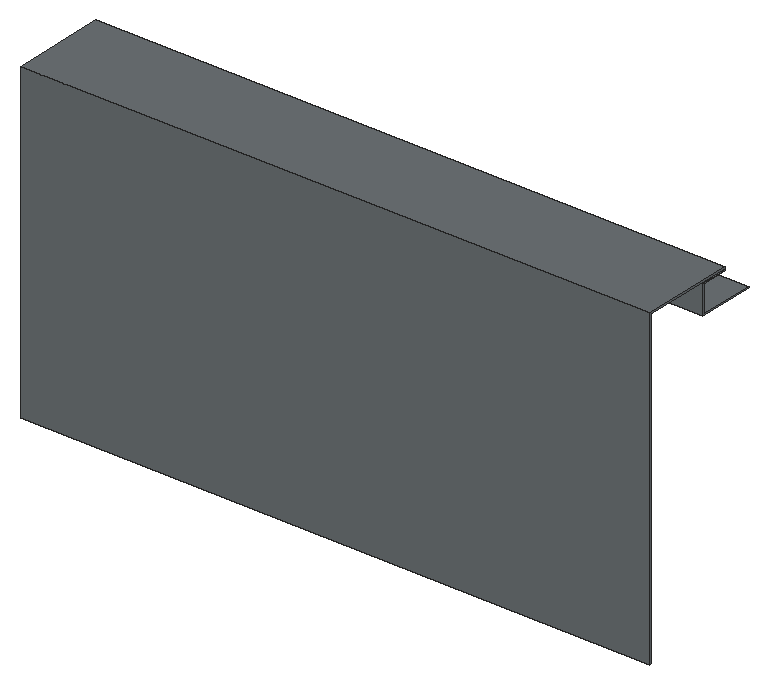
Revit family "BIMLIB_ПланкаОколооконнаяСложнаяБлокХаусЭкобрус_GRANDLINE", category Обобщенные модели, Revit 2017
Family settings
  Может служить основой для арматурных стержней = Нет
  Размер круглого соединителя = Использовать диаметр
  Тип детали = Нормальный
  При загрузке вырезать с полостями = Нет
  Общий = Нет
  Точка расчета площади = Нет
Parameters (values of type "250х75")
  Смещение от плоскости [instance] = 0 mm
  Профиль_Паз = 22 mm
  Профиль_Глубина = 250 mm
  Профиль_Выступ = 45 mm
  Профиль_Высота = 75 mm
  Описание = ADSK_Наименование  # "Околооконная планка сложная Экобрус/Блок хаус 250х75"
  Изготовитель = "Grand Line"  # constant formula
  built-in parameter 1001306 [instance] = 500 mm
  Watermark [instance] = "Модели защищены уникальным кодом"
  URL = "https://www.grandline.ru"
  BL_Разработано = "support@bimlib.pro"
  BL_Email = "info@grandline.ru"
  BL_BIM library = "https://bimlib.pro/manufacturer/company/22430"
  ADSK_Размер_Длина [instance] = [built-in parameter 1001306]  # 500 mm
  ADSK_Обозначение = "ГОСТ 19904-90, ГОСТ 14918-80"
  ADSK_Наименование = "Околооконная планка сложная Экобрус/Блок хаус 250х75"
  ADSK_Материал тип подсчета = 1  # constant formula
  ADSK_Материал = GL_Drap_RAL7016
  ADSK_Масса_Текст [instance] = ""
  ADSK_Масса [instance] = 0
  ADSK_Марка = ""
  ADSK_Количество [instance] = if(ADSK_Материал тип подсчета = 0, 1, if(ADSK_Материал тип подсчета = 1, ADSK_Размер_Длина / 1000 mm, 0))  # 0.5
  ADSK_Код изделия = "M12.102.008"
  ADSK_Завод-изготовитель = "Grand Line"  # constant formula
  ADSK_Единица измерения = "м"  # constant formula
  ADSK_Группирование = "Доборные элементы"  # constant formula
  ADSK_Версия Revit = "2017"  # constant formula
  ADSK_URL страницы изделия = "https://www.grandline.ru/planka-okolookonnaya-slozhnaya-blok-khaus-gl-250kh75-0-45-pe-foil-ral-8017-90425.html"
  ADSK_URL документации изделия = "https://www.grandline.ru/uploads/files/chertezhi_vse/dobornye_elementy/de_saiyding_ekobrus/Okolookonnaia_planka_slozhnaia_Ekobrus_Blokhaus_250x75.jpg"
Types (4, lengths in mm): name | Профиль_Паз | Профиль_Глубина | Профиль_Выступ | Профиль_Высота | Описание | ADSK_Наименование | ADSK_Код изделия | ADSK_URL страницы изделия | ADSK_URL документации изделия
  200х75 | 20 | 200 | 37 | 75 | "Околооконная планка сложная Экобрус/Блок хаус 200х75" | "Околооконная планка сложная Экобрус/Блок хаус 200х75" | "M12.102.006" | "https://www.grandline.ru/planka-okolookonnaya-slozhnaya-blok-khaus-gl-200kh75-0-45-pe-foil-ral-8017-84901.html" | "https://www.grandline.ru/uploads/files/chertezhi_vse/dobornye_elementy/de_saiyding_ekobrus/Okolookonnaia_planka_slozhnaia_Ekobrus_Blokhaus_200x75.jpg"
  200х50 | 20 | 200 | 37 | 50 | "Околооконная планка сложная Экобрус/Блок хаус 200х50" | "Околооконная планка сложная Экобрус/Блок хаус 200х50" | "M12.102.005" | "https://www.grandline.ru/planka-okolookonnaya-slozhnaya-blok-khaus-gl-200kh50-0-45-pe-foil-ral-8017-88407.html" | "https://www.grandline.ru/uploads/files/chertezhi_vse/dobornye_elementy/de_saiyding_ekobrus/Okolookonnaia_planka_slozhnaia_Ekobrus_Blokhaus_200x50.jpg"
  250х50 | 20 | 250 | 37 | 50 | "Околооконная планка сложная Экобрус/Блок хаус 250х50" | "Околооконная планка сложная Экобрус/Блок хаус 250х50" | "M12.102.007" | "https://www.grandline.ru/planka-okolookonnaya-slozhnaya-blok-khaus-gl-250kh50-0-45-pe-foil-ral-9003-97757.html" | "https://www.grandline.ru/uploads/files/chertezhi_vse/dobornye_elementy/de_saiyding_ekobrus/Okolookonnaia_planka_slozhnaia_Ekobrus_Blokhaus_250x50.jpg"
  250х75 | 22 | 250 | 45 | 75 | "Околооконная планка сложная Экобрус/Блок хаус 250х75" | "Околооконная планка сложная Экобрус/Блок хаус 250х75" | "M12.102.008" | "https://www.grandline.ru/planka-okolookonnaya-slozhnaya-blok-khaus-gl-250kh75-0-45-pe-foil-ral-8017-90425.html" | "https://www.grandline.ru/uploads/files/chertezhi_vse/dobornye_elementy/de_saiyding_ekobrus/Okolookonnaia_planka_slozhnaia_Ekobrus_Blokhaus_250x75.jpg"
Reference planes
  plane 1 "По центру (Вперед/Назад)": y = 0
  plane 2: z = 0
  plane 3 "Слева": x = 0
  plane 4 "Справа": x = 500
Forms (mm)
  Sweep 1, solid, material "GL_Drap_RAL7016" <- "ADSK_Материал"
    path in 3D
      loop
        line (0, 0, 0) -> (500, 0, 0)
    profile "Профиль_ПланкаОколооконнаяСложнаяБлокХаусЭкобрус : Профиль" origin (250, 0, 0) x (0, 1, 0) y (0, 0, 1)
      loop
        line (74.2, 24.4) -> (74.2, 23) -> (53, 23) -> (53, 0) -> (98, 0) -> (98, 0.8) -> (53.8, 0.8) -> (53.8, 22.2) -> (75, 22.2) -> (75, 25.2) -> (0, 25.2) -> (0, -224.8) -> (0.8, -224.8) -> (0.8, 24.4) -> (74.2, 24.4)
Lines and regions (mm)
  reference lines
    curve 1: line (0, 0, 0) -> (500, 0, 0)
  sketch lines
    curve 2: line (0, 0, 0) -> (500, 0, 0)
Dimensions and locks
  "built-in parameter 1001306": plane 3 "Слева" to plane 4 "Справа"
  aligned and locked: plane 4 "Справа" to curve 1
  aligned and locked: plane 1 "По центру (Вперед/Назад)" to curve 1
  aligned and locked: plane 3 "Слева" to curve 1
  aligned and locked: level to plane 2
